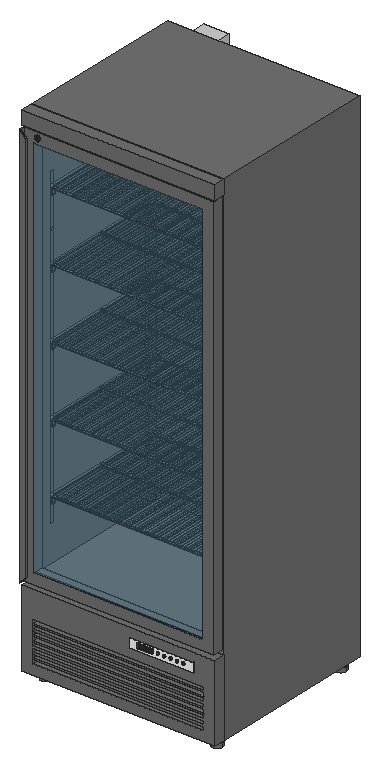
Revit family "QF_BLIZZARD_BMF1_250923015147", category Specialty Equipment, Revit 2021 (continued)
Definition of nested family "QF_BLIZZARD_BMF1_2920"
  Forms (mm)
    Extrusion 30, solid
      sketch origin (710, -688.633, 200) x (0, -1, 0) y (0, 0, -1)
        loop
          line (-77, -876.989) -> (-77, -880.989) -> (-73, -880.989) -> (-73, -876.989) -> (-77, -876.989)
        loop
          line (-77, -891.989) -> (-77, -895.989) -> (-73, -895.989) -> (-73, -891.989) -> (-77, -891.989)
        loop
          line (-77, -906.989) -> (-77, -910.989) -> (-73, -910.989) -> (-73, -906.989) -> (-77, -906.989)
        loop
          line (-77, -921.989) -> (-77, -925.989) -> (-73, -925.989) -> (-73, -921.989) -> (-77, -921.989)
        loop
          line (-77, -936.989) -> (-77, -940.989) -> (-73, -940.989) -> (-73, -936.989) -> (-77, -936.989)
        loop
          line (-77, -951.989) -> (-77, -955.989) -> (-73, -955.989) -> (-73, -951.989) -> (-77, -951.989)
        loop
          line (-77, -966.989) -> (-77, -970.989) -> (-73, -970.989) -> (-73, -966.989) -> (-77, -966.989)
        loop
          line (-77, -981.989) -> (-77, -985.989) -> (-73, -985.989) -> (-73, -981.989) -> (-77, -981.989)
        loop
          line (-77, -996.989) -> (-77, -1000.989) -> (-73, -1000.989) -> (-73, -996.989) -> (-77, -996.989)
        loop
          line (-77, -1011.989) -> (-77, -1015.989) -> (-73, -1015.989) -> (-73, -1011.989) -> (-77, -1011.989)
        loop
          line (-77, -1026.989) -> (-77, -1030.989) -> (-73, -1030.989) -> (-73, -1026.989) -> (-77, -1026.989)
        loop
          line (-77, -1041.989) -> (-77, -1045.989) -> (-73, -1045.989) -> (-73, -1041.989) -> (-77, -1041.989)
        loop
          line (-77, -1056.989) -> (-77, -1060.989) -> (-73, -1060.989) -> (-73, -1056.989) -> (-77, -1056.989)
        loop
          line (-77, -1071.989) -> (-77, -1075.989) -> (-73, -1075.989) -> (-73, -1071.989) -> (-77, -1071.989)
        loop
          line (-77, -1086.989) -> (-77, -1090.989) -> (-73, -1090.989) -> (-73, -1086.989) -> (-77, -1086.989)
        loop
          line (-77, -1101.989) -> (-77, -1105.989) -> (-73, -1105.989) -> (-73, -1101.989) -> (-77, -1101.989)
        loop
          line (-77, -1116.989) -> (-77, -1120.989) -> (-73, -1120.989) -> (-73, -1116.989) -> (-77, -1116.989)
        loop
          line (-77, -1131.989) -> (-77, -1135.989) -> (-73, -1135.989) -> (-73, -1131.989) -> (-77, -1131.989)
        loop
          line (-77, -1146.989) -> (-77, -1150.989) -> (-73, -1150.989) -> (-73, -1146.989) -> (-77, -1146.989)
        loop
          line (-77, -1161.989) -> (-77, -1165.989) -> (-73, -1165.989) -> (-73, -1161.989) -> (-77, -1161.989)
        loop
          line (-77, -1176.989) -> (-77, -1180.989) -> (-73, -1180.989) -> (-73, -1176.989) -> (-77, -1176.989)
        loop
          line (-77, -1191.989) -> (-77, -1195.989) -> (-73, -1195.989) -> (-73, -1191.989) -> (-77, -1191.989)
        loop
          line (-77, -1206.989) -> (-77, -1210.989) -> (-73, -1210.989) -> (-73, -1206.989) -> (-77, -1206.989)
        loop
          line (-77, -1221.989) -> (-77, -1225.989) -> (-73, -1225.989) -> (-73, -1221.989) -> (-77, -1221.989)
        loop
          line (-77, -1236.989) -> (-77, -1240.989) -> (-73, -1240.989) -> (-73, -1236.989) -> (-77, -1236.989)
        loop
          line (-77, -1251.989) -> (-77, -1255.989) -> (-73, -1255.989) -> (-73, -1251.989) -> (-77, -1251.989)
        loop
          line (-77, -1266.989) -> (-77, -1270.989) -> (-73, -1270.989) -> (-73, -1266.989) -> (-77, -1266.989)
        loop
          line (-77, -1281.989) -> (-77, -1285.989) -> (-73, -1285.989) -> (-73, -1281.989) -> (-77, -1281.989)
        loop
          line (-77, -1296.989) -> (-77, -1300.989) -> (-73, -1300.989) -> (-73, -1296.989) -> (-77, -1296.989)
        loop
          line (-77, -1311.989) -> (-77, -1315.989) -> (-73, -1315.989) -> (-73, -1311.989) -> (-77, -1311.989)
        loop
          line (-77, -1326.989) -> (-77, -1330.989) -> (-73, -1330.989) -> (-73, -1326.989) -> (-77, -1326.989)
        loop
          line (-77, -1341.989) -> (-77, -1345.989) -> (-73, -1345.989) -> (-73, -1341.989) -> (-77, -1341.989)
        loop
          line (-77, -1356.989) -> (-77, -1360.989) -> (-73, -1360.989) -> (-73, -1356.989) -> (-77, -1356.989)
        loop
          line (-77, -1371.989) -> (-77, -1375.989) -> (-73, -1375.989) -> (-73, -1371.989) -> (-77, -1371.989)
        loop
          line (-77, -1386.989) -> (-77, -1390.989) -> (-73, -1390.989) -> (-73, -1386.989) -> (-77, -1386.989)
        loop
          line (-77, -1401.989) -> (-77, -1405.989) -> (-73, -1405.989) -> (-73, -1401.989) -> (-77, -1401.989)
        loop
          line (-77, -1416.989) -> (-77, -1420.989) -> (-73, -1420.989) -> (-73, -1416.989) -> (-77, -1416.989)
        loop
          line (-77, -1431.989) -> (-77, -1435.989) -> (-73, -1435.989) -> (-73, -1431.989) -> (-77, -1431.989)
        loop
          line (-77, -1446.989) -> (-77, -1450.989) -> (-73, -1450.989) -> (-73, -1446.989) -> (-77, -1446.989)
        loop
          line (-77, -1461.989) -> (-77, -1465.989) -> (-73, -1465.989) -> (-73, -1461.989) -> (-77, -1461.989)
        loop
          line (-77, -1476.989) -> (-77, -1480.989) -> (-73, -1480.989) -> (-73, -1476.989) -> (-77, -1476.989)
        loop
          line (-77, -1491.989) -> (-77, -1495.989) -> (-73, -1495.989) -> (-73, -1491.989) -> (-77, -1491.989)
        loop
          line (-77, -1506.989) -> (-77, -1510.989) -> (-73, -1510.989) -> (-73, -1506.989) -> (-77, -1506.989)
        loop
          line (-77, -1521.989) -> (-77, -1525.989) -> (-73, -1525.989) -> (-73, -1521.989) -> (-77, -1521.989)
        loop
          line (-77, -1536.989) -> (-77, -1540.989) -> (-73, -1540.989) -> (-73, -1536.989) -> (-77, -1536.989)
        loop
          line (-77, -1551.989) -> (-77, -1555.989) -> (-73, -1555.989) -> (-73, -1551.989) -> (-77, -1551.989)
      from 0 to 5
    Revolve 31, solid
      sketch origin (0, -645, 0) x (1, 0, 0) y (0, 0, -1)
        loop
          line (50, -39) -> (50, -15) -> (60, -15) -> (60, 0) -> (40, 0) -> (40, -39) -> (50, -39)
        axis (40, 0) -> (40, -39)
      angle from 0 to 360
    Revolve 32, solid
      sketch origin (750, -40, 0) x (-1, 0, 0) y (0, 0, 1)
        loop
          line (50, 39) -> (40, 39) -> (40, 0) -> (60, 0) -> (60, 15) -> (50, 15) -> (50, 39)
        axis (40, 0) -> (40, 39)
      angle from 0 to 360
    Revolve 33, solid
      sketch origin (750, -645, 0) x (-1, 0, 0) y (0, 0, 1)
        loop
          line (50, 39) -> (40, 39) -> (40, 0) -> (60, 0) -> (60, 15) -> (50, 15) -> (50, 39)
        axis (40, 0) -> (40, 39)
      angle from 0 to 360
    Extrusion 34, solid
      sketch origin (330.166, -710.5, 246.5) x (1, 0, 0) y (0, 0, 1)
        loop
          circle (199.834, 40) r 5
      from -1 to 1
    Extrusion 35, solid
      sketch origin (355.166, -710.5, 246.5) x (1, 0, 0) y (0, 0, 1)
        loop
          circle (199.834, 40) r 5
      from -1 to 1
    Extrusion 36, solid
      sketch origin (380.166, -710.5, 246.5) x (1, 0, 0) y (0, 0, 1)
        loop
          circle (199.834, 40) r 5
      from -1 to 1
    Extrusion 37, solid
      sketch origin (405.166, -710.5, 246.5) x (1, 0, 0) y (0, 0, 1)
        loop
          circle (199.834, 40) r 5
      from -1 to 1
    Extrusion 38, solid
      sketch origin (430.166, -710.5, 246.5) x (1, 0, 0) y (0, 0, 1)
        loop
          circle (199.834, 40) r 5
      from -1 to 1
    Extrusion 39, solid
      sketch origin (330.166, -711, 241.5) x (1, 0, 0) y (0, 0, 1)
        loop
          line (199.834, 47) -> (195.834, 43) -> (199.834, 45.5) -> (203.834, 43) -> (199.834, 47)
      from -1 to 1
    Extrusion 40, solid
      sketch origin (754.834, -711, 331.5) x (-1, 0, 0) y (0, 0, -1)
        loop
          line (199.834, 47) -> (195.834, 43) -> (199.834, 45.5) -> (203.834, 43) -> (199.834, 47)
      from -1 to 1
    Extrusion 41, solid
      sketch origin (779.834, -711, 331.5) x (-1, 0, 0) y (0, 0, -1)
        loop
          circle (199.834, 45) r 3
      from -1 to 1
    Extrusion 42, solid
      sketch origin (804.834, -711, 331.5) x (-1, 0, 0) y (0, 0, -1)
        loop
          arc (196.834, 45) -> (199.834, 42) -> (202.834, 45) r 3
          line (202.834, 45) -> (196.834, 45)
        loop
          arc (201.034, 47.5) -> (199.834, 48.7) -> (198.634, 47.5) r 1.2
          line (198.634, 47.5) -> (199.834, 45.5) -> (201.034, 47.5)
        loop
          arc (198.134, 47.1) -> (197.334, 47.9) -> (196.534, 47.1) r 0.8
          line (196.534, 47.1) -> (197.334, 45.924) -> (198.134, 47.1)
        loop
          line (201.534, 47.1) -> (202.334, 45.924) -> (203.134, 47.1)
          arc (203.134, 47.1) -> (202.334, 47.9) -> (201.534, 47.1) r 0.8
      from -1 to 1
    Extrusion 43, solid
      sketch origin (829.834, -711, 331.5) x (-1, 0, 0) y (0, 0, -1)
        loop
          line (200.834, 42.709) -> (201.234, 41.792)
          arc (201.234, 41.792) -> (199.834, 48.5) -> (198.434, 41.792) r 3.5
          line (198.434, 41.792) -> (198.834, 42.709)
          arc (198.834, 42.709) -> (199.834, 47.5) -> (200.834, 42.709) r 2.5
        loop
          arc (199.334, 41.646) -> (199.834, 41.146) -> (200.334, 41.646) r 0.5
          line (200.334, 41.646) -> (200.334, 43.646)
          arc (200.334, 43.646) -> (199.834, 44.146) -> (199.334, 43.646) r 0.5
          line (199.334, 43.646) -> (199.334, 41.646)
      from -1 to 1
    Extrusion 44, solid
      sketch origin (187.651, -710, -517) x (1, 0, 0) y (0, 0, 1)
        loop
          line (280.849, 804.46) -> (282.129, 804.46) -> (282.129, 809.9) -> (280.849, 809.9) -> (280.849, 804.46)
        loop
          line (280.849, 797.1) -> (282.129, 797.1) -> (282.129, 802.22) -> (280.849, 802.22) -> (280.849, 797.1)
        loop
          line (282.449, 811.5) -> (282.449, 810.22) -> (289.249, 810.22) -> (289.249, 811.5) -> (282.449, 811.5)
        loop
          line (290.849, 804.46) -> (290.849, 809.9) -> (289.569, 809.9) -> (289.569, 804.46) -> (290.849, 804.46)
        loop
          line (290.849, 797.1) -> (290.849, 802.22) -> (289.569, 802.22) -> (289.569, 797.1) -> (290.849, 797.1)
        loop
          line (282.449, 795.5) -> (289.249, 795.5) -> (289.249, 796.78) -> (282.449, 796.78) -> (282.449, 795.5)
        loop
          line (292.989, 795.5) -> (292.989, 796.78) -> (291.709, 796.78) -> (291.709, 795.5) -> (292.989, 795.5)
        loop
          line (293.849, 804.46) -> (295.129, 804.46) -> (295.129, 809.9) -> (293.849, 809.9) -> (293.849, 804.46)
        loop
          line (293.849, 797.1) -> (295.129, 797.1) -> (295.129, 802.22) -> (293.849, 802.22) -> (293.849, 797.1)
        loop
          line (295.449, 811.5) -> (295.449, 810.22) -> (302.249, 810.22) -> (302.249, 811.5) -> (295.449, 811.5)
        loop
          line (303.849, 804.46) -> (303.849, 809.9) -> (302.569, 809.9) -> (302.569, 804.46) -> (303.849, 804.46)
        loop
          line (303.849, 797.1) -> (303.849, 802.22) -> (302.569, 802.22) -> (302.569, 797.1) -> (303.849, 797.1)
        loop
          line (295.449, 795.5) -> (302.249, 795.5) -> (302.249, 796.78) -> (295.449, 796.78) -> (295.449, 795.5)
        loop
          line (305.849, 804.46) -> (307.129, 804.46) -> (307.129, 809.9) -> (305.849, 809.9) -> (305.849, 804.46)
        loop
          line (305.849, 797.1) -> (307.129, 797.1) -> (307.129, 802.22) -> (305.849, 802.22) -> (305.849, 797.1)
        loop
          line (307.449, 811.5) -> (307.449, 810.22) -> (314.249, 810.22) -> (314.249, 811.5) -> (307.449, 811.5)
        loop
          line (315.849, 804.46) -> (315.849, 809.9) -> (314.569, 809.9) -> (314.569, 804.46) -> (315.849, 804.46)
        loop
          line (315.849, 797.1) -> (315.849, 802.22) -> (314.569, 802.22) -> (314.569, 797.1) -> (315.849, 797.1)
        loop
          line (307.449, 795.5) -> (314.249, 795.5) -> (314.249, 796.78) -> (307.449, 796.78) -> (307.449, 795.5)
        loop
          line (268.849, 804.46) -> (270.129, 804.46) -> (270.129, 809.9) -> (268.849, 809.9) -> (268.849, 804.46)
        loop
          line (268.849, 797.1) -> (270.129, 797.1) -> (270.129, 802.22) -> (268.849, 802.22) -> (268.849, 797.1)
        loop
          line (270.449, 811.5) -> (270.449, 810.22) -> (277.249, 810.22) -> (277.249, 811.5) -> (270.449, 811.5)
        loop
          line (278.849, 804.46) -> (278.849, 809.9) -> (277.569, 809.9) -> (277.569, 804.46) -> (278.849, 804.46)
        loop
          line (278.849, 797.1) -> (278.849, 802.22) -> (277.569, 802.22) -> (277.569, 797.1) -> (278.849, 797.1)
        loop
          line (270.449, 795.5) -> (277.249, 795.5) -> (277.249, 796.78) -> (270.449, 796.78) -> (270.449, 795.5)
      from 0 to 2
    Sweep 45, solid
      path origin (47.141, -189.803, 1443.371) x (1, 0, 0) y (0, 1, 0)
        loop
          arc (9.859, 55.803) -> (1.373, 52.288) -> (-2.141, 43.803) r 12
          line (-2.141, 43.803) -> (-2.141, -428.83)
          arc (-2.141, -428.83) -> (1.373, -437.316) -> (9.859, -440.83) r 12
          line (9.859, -440.83) -> (645.859, -440.83)
          arc (645.859, -440.83) -> (654.344, -437.316) -> (657.859, -428.83) r 12
          line (657.859, -428.83) -> (657.859, 43.803)
          arc (657.859, 43.803) -> (654.344, 52.288) -> (645.859, 55.803) r 12
          line (645.859, 55.803) -> (9.859, 55.803)
      profile origin (375, -134, 1443.371) x (0, 1, 0) y (0, 0, 1)
        loop
          circle (0, 0) r 3.5
    Extrusion 46, solid
      sketch origin (45, -189.803, 1443.371) x (1, 0, 0) y (0, 0, 1)
        loop
          circle (13.5, 4.5) r 1
        loop
          circle (26, 4.5) r 1
        loop
          circle (38.5, 4.5) r 1
        loop
          circle (51, 4.5) r 1
        loop
          circle (63.5, 4.5) r 1
        loop
          circle (76, 4.5) r 1
        loop
          circle (88.5, 4.5) r 1
        loop
          circle (101, 4.5) r 1
        loop
          circle (113.5, 4.5) r 1
        loop
          circle (126, 4.5) r 1
        loop
          circle (138.5, 4.5) r 1
        loop
          circle (151, 4.5) r 1
        loop
          circle (163.5, 4.5) r 1
        loop
          circle (176, 4.5) r 1
        loop
          circle (188.5, 4.5) r 1
        loop
          circle (201, 4.5) r 1
        loop
          circle (213.5, 4.5) r 1
        loop
          circle (226, 4.5) r 1
        loop
          circle (238.5, 4.5) r 1
        loop
          circle (251, 4.5) r 1
        loop
          circle (263.5, 4.5) r 1
        loop
          circle (276, 4.5) r 1
        loop
          circle (288.5, 4.5) r 1
        loop
          circle (301, 4.5) r 1
        loop
          circle (313.5, 4.5) r 1
        loop
          circle (326, 4.5) r 1
        loop
          circle (338.5, 4.5) r 1
        loop
          circle (351, 4.5) r 1
        loop
          circle (363.5, 4.5) r 1
        loop
          circle (376, 4.5) r 1
        loop
          circle (388.5, 4.5) r 1
        loop
          circle (401, 4.5) r 1
        loop
          circle (413.5, 4.5) r 1
        loop
          circle (426, 4.5) r 1
        loop
          circle (438.5, 4.5) r 1
        loop
          circle (451, 4.5) r 1
        loop
          circle (463.5, 4.5) r 1
        loop
          circle (476, 4.5) r 1
        loop
          circle (488.5, 4.5) r 1
        loop
          circle (501, 4.5) r 1
        loop
          circle (513.5, 4.5) r 1
        loop
          circle (526, 4.5) r 1
        loop
          circle (538.5, 4.5) r 1
        loop
          circle (551, 4.5) r 1
        loop
          circle (563.5, 4.5) r 1
        loop
          circle (576, 4.5) r 1
        loop
          circle (588.5, 4.5) r 1
        loop
          circle (601, 4.5) r 1
        loop
          circle (613.5, 4.5) r 1
        loop
          circle (626, 4.5) r 1
        loop
          circle (638.5, 4.5) r 1
        loop
          circle (651, 4.5) r 1
      from -55.803 to 440.197
    Extrusion 47, solid
      sketch origin (45, -170.816, 1443.371) x (0, 1, 0) y (0, 0, 1)
        loop
          circle (-211.5, 0) r 3.5
      from 0 to 660
    Extrusion 48, solid
      sketch origin (1653.773, -1414.75, 596.919) x (1, 0, 0) y (0, 0, 1)
        loop
          line (-1608.773, 812.071) -> (-1593.825, 844.071) -> (-1608.773, 844.071) -> (-1608.773, 812.071)
      from -1264.75 to -1262.75
    Extrusion 49, solid
      sketch origin (40, -538.633, 835.383) x (0, -1, 0) y (0, 0, -1)
        loop
          line (-382.633, -605.606) -> (-382.633, -573.606) -> (-392.633, -573.606) -> (-392.633, -605.606) -> (-382.633, -605.606)
      from 0 to 5
    Extrusion 50, solid
      sketch origin (1653.773, 650.117, 596.919) x (1, 0, 0) y (0, 0, -1)
        loop
          line (-1608.773, -812.071) -> (-1608.773, -844.071) -> (-1593.825, -844.071) -> (-1608.773, -812.071)
      from -1264.75 to -1262.75
    Extrusion 51, solid
      sketch origin (40, -226, 835.383) x (0, 1, 0) y (0, 0, 1)
        loop
          line (-382.633, 605.606) -> (-392.633, 605.606) -> (-392.633, 573.606) -> (-382.633, 573.606) -> (-382.633, 605.606)
      from 0 to 5
    Extrusion 52, solid
      sketch origin (-903.773, -1414.75, 596.919) x (-1, 0, 0) y (0, 0, -1)
        loop
          line (-1608.773, -812.071) -> (-1608.773, -844.071) -> (-1593.825, -844.071) -> (-1608.773, -812.071)
      from -1264.75 to -1262.75
    Extrusion 53, solid
      sketch origin (710, -538.633, 835.383) x (0, -1, 0) y (0, 0, 1)
        loop
          line (-382.633, 605.606) -> (-392.633, 605.606) -> (-392.633, 573.606) -> (-382.633, 573.606) -> (-382.633, 605.606)
      from 0 to 5
    Extrusion 54, solid
      sketch origin (-903.773, 650.117, 596.919) x (-1, 0, 0) y (0, 0, 1)
        loop
          line (-1608.773, 812.071) -> (-1593.825, 844.071) -> (-1608.773, 844.071) -> (-1608.773, 812.071)
      from -1264.75 to -1262.75
    Extrusion 55, solid
      sketch origin (710, -226, 835.383) x (0, 1, 0) y (0, 0, -1)
        loop
          line (-382.633, -605.606) -> (-382.633, -573.606) -> (-392.633, -573.606) -> (-392.633, -605.606) -> (-382.633, -605.606)
      from 0 to 5
    Sweep 56, solid
      path origin (47.141, -189.803, 1173.371) x (1, 0, 0) y (0, 1, 0)
        loop
          arc (9.859, 55.803) -> (1.373, 52.288) -> (-2.141, 43.803) r 12
          line (-2.141, 43.803) -> (-2.141, -428.83)
          arc (-2.141, -428.83) -> (1.373, -437.316) -> (9.859, -440.83) r 12
          line (9.859, -440.83) -> (645.859, -440.83)
          arc (645.859, -440.83) -> (654.344, -437.316) -> (657.859, -428.83) r 12
          line (657.859, -428.83) -> (657.859, 43.803)
          arc (657.859, 43.803) -> (654.344, 52.288) -> (645.859, 55.803) r 12
          line (645.859, 55.803) -> (9.859, 55.803)
      profile origin (375, -134, 1173.371) x (0, 1, 0) y (0, 0, 1)
        loop
          circle (0, 0) r 3.5
    Extrusion 57, solid
      sketch origin (45, -189.803, 1173.371) x (1, 0, 0) y (0, 0, 1)
        loop
          circle (13.5, 4.5) r 1
        loop
          circle (26, 4.5) r 1
        loop
          circle (38.5, 4.5) r 1
        loop
          circle (51, 4.5) r 1
        loop
          circle (63.5, 4.5) r 1
        loop
          circle (76, 4.5) r 1
        loop
          circle (88.5, 4.5) r 1
        loop
          circle (101, 4.5) r 1
        loop
          circle (113.5, 4.5) r 1
        loop
          circle (126, 4.5) r 1
        loop
          circle (138.5, 4.5) r 1
        loop
          circle (151, 4.5) r 1
        loop
          circle (163.5, 4.5) r 1
        loop
          circle (176, 4.5) r 1
        loop
          circle (188.5, 4.5) r 1
        loop
          circle (201, 4.5) r 1
        loop
          circle (213.5, 4.5) r 1
        loop
          circle (226, 4.5) r 1
        loop
          circle (238.5, 4.5) r 1
        loop
          circle (251, 4.5) r 1
        loop
          circle (263.5, 4.5) r 1
        loop
          circle (276, 4.5) r 1
        loop
          circle (288.5, 4.5) r 1
        loop
          circle (301, 4.5) r 1
        loop
          circle (313.5, 4.5) r 1
        loop
          circle (326, 4.5) r 1
        loop
          circle (338.5, 4.5) r 1
        loop
          circle (351, 4.5) r 1
        loop
          circle (363.5, 4.5) r 1
        loop
          circle (376, 4.5) r 1
        loop
          circle (388.5, 4.5) r 1
        loop
          circle (401, 4.5) r 1
        loop
          circle (413.5, 4.5) r 1
        loop
          circle (426, 4.5) r 1
        loop
          circle (438.5, 4.5) r 1
        loop
          circle (451, 4.5) r 1
        loop
          circle (463.5, 4.5) r 1
        loop
          circle (476, 4.5) r 1
        loop
          circle (488.5, 4.5) r 1
        loop
          circle (501, 4.5) r 1
        loop
          circle (513.5, 4.5) r 1
        loop
          circle (526, 4.5) r 1
        loop
          circle (538.5, 4.5) r 1
        loop
          circle (551, 4.5) r 1
        loop
          circle (563.5, 4.5) r 1
        loop
          circle (576, 4.5) r 1
        loop
          circle (588.5, 4.5) r 1
        loop
          circle (601, 4.5) r 1
        loop
          circle (613.5, 4.5) r 1
        loop
          circle (626, 4.5) r 1
        loop
          circle (638.5, 4.5) r 1
        loop
          circle (651, 4.5) r 1
      from -55.803 to 440.197
    Extrusion 58, solid
      sketch origin (45, -170.816, 1173.371) x (0, 1, 0) y (0, 0, 1)
        loop
          circle (-211.5, 0) r 3.5
      from 0 to 660
    Extrusion 59, solid
      sketch origin (1653.773, -1414.75, 326.919) x (1, 0, 0) y (0, 0, 1)
        loop
          line (-1608.773, 812.071) -> (-1593.825, 844.071) -> (-1608.773, 844.071) -> (-1608.773, 812.071)
      from -1264.75 to -1262.75
    Extrusion 60, solid
      sketch origin (40, -538.633, 565.383) x (0, -1, 0) y (0, 0, -1)
        loop
          line (-382.633, -605.606) -> (-382.633, -573.606) -> (-392.633, -573.606) -> (-392.633, -605.606) -> (-382.633, -605.606)
      from 0 to 5
    Extrusion 61, solid
      sketch origin (1653.773, 650.117, 326.919) x (1, 0, 0) y (0, 0, -1)
        loop
          line (-1608.773, -812.071) -> (-1608.773, -844.071) -> (-1593.825, -844.071) -> (-1608.773, -812.071)
      from -1264.75 to -1262.75
    Extrusion 62, solid
      sketch origin (40, -226, 565.383) x (0, 1, 0) y (0, 0, 1)
        loop
          line (-382.633, 605.606) -> (-392.633, 605.606) -> (-392.633, 573.606) -> (-382.633, 573.606) -> (-382.633, 605.606)
      from 0 to 5
    Extrusion 63, solid
      sketch origin (-903.773, -1414.75, 326.919) x (-1, 0, 0) y (0, 0, -1)
        loop
          line (-1608.773, -812.071) -> (-1608.773, -844.071) -> (-1593.825, -844.071) -> (-1608.773, -812.071)
      from -1264.75 to -1262.75
    Extrusion 64, solid
      sketch origin (710, -538.633, 565.383) x (0, -1, 0) y (0, 0, 1)
        loop
          line (-382.633, 605.606) -> (-392.633, 605.606) -> (-392.633, 573.606) -> (-382.633, 573.606) -> (-382.633, 605.606)
      from 0 to 5
    Extrusion 65, solid
      sketch origin (-903.773, 650.117, 326.919) x (-1, 0, 0) y (0, 0, 1)
        loop
          line (-1608.773, 812.071) -> (-1593.825, 844.071) -> (-1608.773, 844.071) -> (-1608.773, 812.071)
      from -1264.75 to -1262.75
    Extrusion 66, solid
      sketch origin (710, -226, 565.383) x (0, 1, 0) y (0, 0, -1)
        loop
          line (-382.633, -605.606) -> (-382.633, -573.606) -> (-392.633, -573.606) -> (-392.633, -605.606) -> (-382.633, -605.606)
      from 0 to 5
    Sweep 67, solid
      path origin (47.141, -189.803, 903.371) x (1, 0, 0) y (0, 1, 0)
        loop
          arc (9.859, 55.803) -> (1.373, 52.288) -> (-2.141, 43.803) r 12
          line (-2.141, 43.803) -> (-2.141, -428.83)
          arc (-2.141, -428.83) -> (1.373, -437.316) -> (9.859, -440.83) r 12
          line (9.859, -440.83) -> (645.859, -440.83)
          arc (645.859, -440.83) -> (654.344, -437.316) -> (657.859, -428.83) r 12
          line (657.859, -428.83) -> (657.859, 43.803)
          arc (657.859, 43.803) -> (654.344, 52.288) -> (645.859, 55.803) r 12
          line (645.859, 55.803) -> (9.859, 55.803)
      profile origin (375, -134, 903.371) x (0, 1, 0) y (0, 0, 1)
        loop
          circle (0, 0) r 3.5
    Extrusion 68, solid
      sketch origin (45, -189.803, 903.371) x (1, 0, 0) y (0, 0, 1)
        loop
          circle (13.5, 4.5) r 1
        loop
          circle (26, 4.5) r 1
        loop
          circle (38.5, 4.5) r 1
        loop
          circle (51, 4.5) r 1
        loop
          circle (63.5, 4.5) r 1
        loop
          circle (76, 4.5) r 1
        loop
          circle (88.5, 4.5) r 1
        loop
          circle (101, 4.5) r 1
        loop
          circle (113.5, 4.5) r 1
        loop
          circle (126, 4.5) r 1
        loop
          circle (138.5, 4.5) r 1
        loop
          circle (151, 4.5) r 1
        loop
          circle (163.5, 4.5) r 1
        loop
          circle (176, 4.5) r 1
        loop
          circle (188.5, 4.5) r 1
        loop
          circle (201, 4.5) r 1
        loop
          circle (213.5, 4.5) r 1
        loop
          circle (226, 4.5) r 1
        loop
          circle (238.5, 4.5) r 1
        loop
          circle (251, 4.5) r 1
        loop
          circle (263.5, 4.5) r 1
        loop
          circle (276, 4.5) r 1
        loop
          circle (288.5, 4.5) r 1
        loop
          circle (301, 4.5) r 1
        loop
          circle (313.5, 4.5) r 1
        loop
          circle (326, 4.5) r 1
        loop
          circle (338.5, 4.5) r 1
        loop
          circle (351, 4.5) r 1
        loop
          circle (363.5, 4.5) r 1
        loop
          circle (376, 4.5) r 1
        loop
          circle (388.5, 4.5) r 1
        loop
          circle (401, 4.5) r 1
        loop
          circle (413.5, 4.5) r 1
        loop
          circle (426, 4.5) r 1
        loop
          circle (438.5, 4.5) r 1
        loop
          circle (451, 4.5) r 1
        loop
          circle (463.5, 4.5) r 1
        loop
          circle (476, 4.5) r 1
        loop
          circle (488.5, 4.5) r 1
        loop
          circle (501, 4.5) r 1
        loop
          circle (513.5, 4.5) r 1
        loop
          circle (526, 4.5) r 1
        loop
          circle (538.5, 4.5) r 1
        loop
          circle (551, 4.5) r 1
        loop
          circle (563.5, 4.5) r 1
        loop
          circle (576, 4.5) r 1
        loop
          circle (588.5, 4.5) r 1
        loop
          circle (601, 4.5) r 1
        loop
          circle (613.5, 4.5) r 1
        loop
          circle (626, 4.5) r 1
        loop
          circle (638.5, 4.5) r 1
        loop
          circle (651, 4.5) r 1
      from -55.803 to 440.197
    Extrusion 69, solid
      sketch origin (45, -170.816, 903.371) x (0, 1, 0) y (0, 0, 1)
        loop
          circle (-211.5, 0) r 3.5
      from 0 to 660
    Extrusion 70, solid
      sketch origin (1653.773, -1414.75, 56.919) x (1, 0, 0) y (0, 0, 1)
        loop
          line (-1608.773, 812.071) -> (-1593.825, 844.071) -> (-1608.773, 844.071) -> (-1608.773, 812.071)
      from -1264.75 to -1262.75
    Extrusion 71, solid
      sketch origin (40, -538.633, 295.383) x (0, -1, 0) y (0, 0, -1)
        loop
          line (-382.633, -605.606) -> (-382.633, -573.606) -> (-392.633, -573.606) -> (-392.633, -605.606) -> (-382.633, -605.606)
      from 0 to 5
    Extrusion 72, solid
      sketch origin (1653.773, 650.117, 56.919) x (1, 0, 0) y (0, 0, -1)
        loop
          line (-1608.773, -812.071) -> (-1608.773, -844.071) -> (-1593.825, -844.071) -> (-1608.773, -812.071)
      from -1264.75 to -1262.75
    Extrusion 73, solid
      sketch origin (40, -226, 295.383) x (0, 1, 0) y (0, 0, 1)
        loop
          line (-382.633, 605.606) -> (-392.633, 605.606) -> (-392.633, 573.606) -> (-382.633, 573.606) -> (-382.633, 605.606)
      from 0 to 5
    Extrusion 74, solid
      sketch origin (-903.773, -1414.75, 56.919) x (-1, 0, 0) y (0, 0, -1)
        loop
          line (-1608.773, -812.071) -> (-1608.773, -844.071) -> (-1593.825, -844.071) -> (-1608.773, -812.071)
      from -1264.75 to -1262.75
    Extrusion 75, solid
      sketch origin (710, -538.633, 295.383) x (0, -1, 0) y (0, 0, 1)
        loop
          line (-382.633, 605.606) -> (-392.633, 605.606) -> (-392.633, 573.606) -> (-382.633, 573.606) -> (-382.633, 605.606)
      from 0 to 5
    Extrusion 76, solid
      sketch origin (-903.773, 650.117, 56.919) x (-1, 0, 0) y (0, 0, 1)
        loop
          line (-1608.773, 812.071) -> (-1593.825, 844.071) -> (-1608.773, 844.071) -> (-1608.773, 812.071)
      from -1264.75 to -1262.75
    Extrusion 77, solid
      sketch origin (710, -226, 295.383) x (0, 1, 0) y (0, 0, -1)
        loop
          line (-382.633, -605.606) -> (-382.633, -573.606) -> (-392.633, -573.606) -> (-392.633, -605.606) -> (-382.633, -605.606)
      from 0 to 5
    Sweep 78, solid
      path origin (47.141, -189.803, 633.371) x (1, 0, 0) y (0, 1, 0)
        loop
          arc (9.859, 55.803) -> (1.373, 52.288) -> (-2.141, 43.803) r 12
          line (-2.141, 43.803) -> (-2.141, -428.83)
          arc (-2.141, -428.83) -> (1.373, -437.316) -> (9.859, -440.83) r 12
          line (9.859, -440.83) -> (645.859, -440.83)
          arc (645.859, -440.83) -> (654.344, -437.316) -> (657.859, -428.83) r 12
          line (657.859, -428.83) -> (657.859, 43.803)
          arc (657.859, 43.803) -> (654.344, 52.288) -> (645.859, 55.803) r 12
          line (645.859, 55.803) -> (9.859, 55.803)
      profile origin (375, -134, 633.371) x (0, 1, 0) y (0, 0, 1)
        loop
          circle (0, 0) r 3.5
    Extrusion 79, solid
      sketch origin (45, -189.803, 633.371) x (1, 0, 0) y (0, 0, 1)
        loop
          circle (13.5, 4.5) r 1
        loop
          circle (26, 4.5) r 1
        loop
          circle (38.5, 4.5) r 1
        loop
          circle (51, 4.5) r 1
        loop
          circle (63.5, 4.5) r 1
        loop
          circle (76, 4.5) r 1
        loop
          circle (88.5, 4.5) r 1
        loop
          circle (101, 4.5) r 1
        loop
          circle (113.5, 4.5) r 1
        loop
          circle (126, 4.5) r 1
        loop
          circle (138.5, 4.5) r 1
        loop
          circle (151, 4.5) r 1
        loop
          circle (163.5, 4.5) r 1
        loop
          circle (176, 4.5) r 1
        loop
          circle (188.5, 4.5) r 1
        loop
          circle (201, 4.5) r 1
        loop
          circle (213.5, 4.5) r 1
        loop
          circle (226, 4.5) r 1
        loop
          circle (238.5, 4.5) r 1
        loop
          circle (251, 4.5) r 1
        loop
          circle (263.5, 4.5) r 1
        loop
          circle (276, 4.5) r 1
        loop
          circle (288.5, 4.5) r 1
        loop
          circle (301, 4.5) r 1
        loop
          circle (313.5, 4.5) r 1
        loop
          circle (326, 4.5) r 1
        loop
          circle (338.5, 4.5) r 1
        loop
          circle (351, 4.5) r 1
        loop
          circle (363.5, 4.5) r 1
        loop
          circle (376, 4.5) r 1
        loop
          circle (388.5, 4.5) r 1
        loop
          circle (401, 4.5) r 1
        loop
          circle (413.5, 4.5) r 1
        loop
          circle (426, 4.5) r 1
        loop
          circle (438.5, 4.5) r 1
        loop
          circle (451, 4.5) r 1
        loop
          circle (463.5, 4.5) r 1
        loop
          circle (476, 4.5) r 1
        loop
          circle (488.5, 4.5) r 1
        loop
          circle (501, 4.5) r 1
        loop
          circle (513.5, 4.5) r 1
        loop
          circle (526, 4.5) r 1
        loop
          circle (538.5, 4.5) r 1
        loop
          circle (551, 4.5) r 1
        loop
          circle (563.5, 4.5) r 1
        loop
          circle (576, 4.5) r 1
        loop
          circle (588.5, 4.5) r 1
        loop
          circle (601, 4.5) r 1
        loop
          circle (613.5, 4.5) r 1
        loop
          circle (626, 4.5) r 1
        loop
          circle (638.5, 4.5) r 1
        loop
          circle (651, 4.5) r 1
      from -55.803 to 440.197
    Extrusion 80, solid
      sketch origin (45, -170.816, 633.371) x (0, 1, 0) y (0, 0, 1)
        loop
          circle (-211.5, 0) r 3.5
      from 0 to 660
    Extrusion 81, solid
      sketch origin (1653.773, -1414.75, -213.081) x (1, 0, 0) y (0, 0, 1)
        loop
          line (-1608.773, 812.071) -> (-1593.825, 844.071) -> (-1608.773, 844.071) -> (-1608.773, 812.071)
      from -1264.75 to -1262.75
    Extrusion 82, solid
      sketch origin (40, -538.633, 25.383) x (0, -1, 0) y (0, 0, -1)
        loop
          line (-382.633, -605.606) -> (-382.633, -573.606) -> (-392.633, -573.606) -> (-392.633, -605.606) -> (-382.633, -605.606)
      from 0 to 5
    Extrusion 83, solid
      sketch origin (1653.773, 650.117, -213.081) x (1, 0, 0) y (0, 0, -1)
        loop
          line (-1608.773, -812.071) -> (-1608.773, -844.071) -> (-1593.825, -844.071) -> (-1608.773, -812.071)
      from -1264.75 to -1262.75
    Extrusion 84, solid
      sketch origin (40, -226, 25.383) x (0, 1, 0) y (0, 0, 1)
        loop
          line (-382.633, 605.606) -> (-392.633, 605.606) -> (-392.633, 573.606) -> (-382.633, 573.606) -> (-382.633, 605.606)
      from 0 to 5
    Extrusion 85, solid
      sketch origin (-903.773, -1414.75, -213.081) x (-1, 0, 0) y (0, 0, -1)
        loop
          line (-1608.773, -812.071) -> (-1608.773, -844.071) -> (-1593.825, -844.071) -> (-1608.773, -812.071)
      from -1264.75 to -1262.75
    Extrusion 86, solid
      sketch origin (710, -538.633, 25.383) x (0, -1, 0) y (0, 0, 1)
        loop
          line (-382.633, 605.606) -> (-392.633, 605.606) -> (-392.633, 573.606) -> (-382.633, 573.606) -> (-382.633, 605.606)
      from 0 to 5
    Extrusion 87, solid
      sketch origin (-903.773, 650.117, -213.081) x (-1, 0, 0) y (0, 0, 1)
        loop
          line (-1608.773, 812.071) -> (-1593.825, 844.071) -> (-1608.773, 844.071) -> (-1608.773, 812.071)
      from -1264.75 to -1262.75
    Extrusion 88, solid
      sketch origin (710, -226, 25.383) x (0, 1, 0) y (0, 0, -1)
        loop
          line (-382.633, -605.606) -> (-382.633, -573.606) -> (-392.633, -573.606) -> (-392.633, -605.606) -> (-382.633, -605.606)
      from 0 to 5
    Extrusion 89, solid
      sketch origin (0, 0, 1903) x (1, 0, 0) y (0, 1, 0)
        loop
          line (100, 0) -> (200, 0) -> (200, 50) -> (100, 50) -> (100, 0)
      from 0 to 100
    Extrusion 90, solid
      sketch origin (0, -725, 0) x (1, 0, 0) y (0, 0, 1)
        loop
          line (4, 1943) -> (4, 356) -> (28.749, 380.749) -> (28.749, 1918.251) -> (4, 1943)
      from 0 to 2
    Extrusion 91, solid
      sketch origin (0, -710, 0) x (1, 0, 0) y (0, 0, 1)
        loop
          line (4, 1943) -> (4, 356) -> (5.414, 357.414) -> (5.414, 1941.586) -> (4, 1943)
      from 0 to 15
  Cuts and joins
    joined: Extrusion 1, Extrusion 8
  Lines and regions (mm)
    symbolic lines
      curve 1: line (0, 0, 0) -> (750, 0, 0)
      curve 2: line (0, -710, 0) -> (0, 0, 0)
      curve 3: line (750, -710, 0) -> (0, -710, 0)
      curve 4: line (750, 0, 0) -> (750, -710, 0)
      curve 7: line (4, -727, 0) -> (28.749, -727, 0)
      curve 8: line (28.749, -725, 0) -> (5.414, -725, 0)
      curve 9: line (28.749, -727, 0) -> (28.749, -725, 0)
      curve 10: line (5.414, -725, 0) -> (5.414, -710, 0)
      curve 11: line (4, -710, 0) -> (4, -727, 0)
      curve 12: line (200, 50, 0) -> (100, 50, 0)
      curve 13: line (100, 50, 0) -> (100, 0, 0)
      curve 14: line (200, 0, 0) -> (200, 50, 0)
    symbolic lines, visible <- "Show Clearances"
      curve 5: arc (4, -710, 0) -> (221.327, -1234.673, 0) -> (746, -1452, 0) r 742
      curve 6: line (746, -1452, 0) -> (746, -710, 0)
  Dimensions and locks
    plane 3 "Left" to plane 4 "Right" = 750 mm
    plane 5 "Front" to plane 1 "Back" = 710 mm
    plane 6 "Top" to level = 2003 mm  (x2)
    plane 1 "Back" to plane 5 "Front" = 710 mm
    plane 4 "Right" to plane 3 "Left" = 750 mm
    aligned and locked: level to plane 2
Definition of nested family "CONN_POINT_ELE_2D___Generic_Annotation"
  Parameters (values of type "CONN_POINT_ELE_2D___Generic_Annotation")
    Onboard connection annotation symbol visibility [instance] = yes
  Reference planes
    plane 1: y = 0
    plane 2: x = 0
  Lines and regions (mm)
    detail lines, visible <- "Onboard connection annotation symbol visibility"
      curve 1: circle (0, 0, 0) r 0.5 normal (0, 0, 1)
      curve 2: line (-1, 0, 0) -> (1, 0, 0)
      curve 3: line (0, 1, 0) -> (0, -1, 0)
      curve 4: line (2.5, 1, 0) -> (1.25, 1, 0)
      curve 5: line (1.25, 1, 0) -> (1.25, -1, 0)
      curve 6: line (1.25, -1, 0) -> (2.5, -1, 0)
      curve 7: line (1.25, 0, 0) -> (2, 0, 0)
